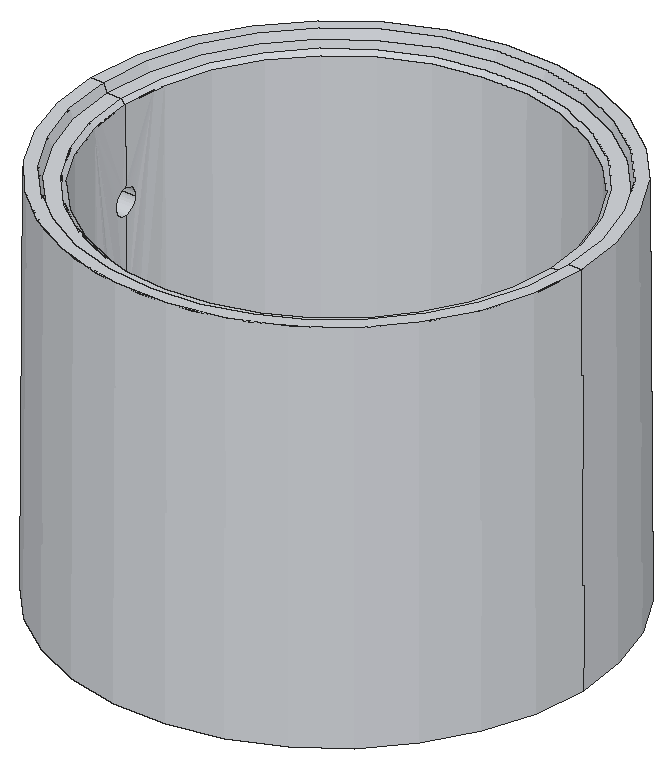
Revit family "Кольцо 1000х910 с замком КС 10-9", category Обобщенные модели, Revit 2023
Family settings
  Может служить основой для арматурных стержней = Нет
  Размер круглого соединителя = Использовать диаметр
  Тип детали = Нормальный
  На основе рабочей плоскости = Нет
  Всегда вертикально = Да
  При загрузке вырезать с полостями = Нет
  Сохранять ориентацию аннотаций = Нет
  Общий = Нет
  Точка принадлежности помещению = Нет
Parameters (values of type "Кольцо 1000х910 с замком КС 10.9")
  фаска = 10 mm
  толщ_на_h2_расч = (t1 - t2) / 2 * (h1 + h2) / ADSK_Размер_Высота + 10 mm  # 13.709 mm
  толщ_на_h1_расч = (t1 - t2) / 2 * h1 / ADSK_Размер_Высота + 10 mm  # 12.033 mm
  сужение_низ = 5 mm
  отступ_низ = 38 mm
  отступ_верх = 28.5 mm
  выступ = 20 mm
  вырез2 = yes
  вырез1 = yes
  Отметка по умолчанию = 0 mm
  t2 = 80 mm
  t1 = 90 mm
  h2 = 305 mm
  h1 = 370 mm
  d1 = 20 mm * tan(20.00°)  # 7.279 mm
  ADSK_Размер_Диаметр = 1000 mm
  ADSK_Размер_Высота = 910 mm
  ADSK_Масса = 632
Reference planes
  plane 1 "По центру (Вперед/Назад)": y = 0
  plane 2: z = 0
  plane 3 "По центру (Влево/Вправо)": x = 0
  plane 4: x = 500
  plane 5: x = -500
  plane 6: y = 500
  plane 7: y = -500
  plane 8: z = 890
  plane 9: z = 910
  plane 10: z = 20
  plane 11: x = -585
  plane 12: x = 585
  plane 13: y = 585
  plane 14: y = -585
  plane 15: y = 580
  plane 16: y = -580
  plane 17: x = -580
  plane 18: x = 580
  plane 19: x = 538
  plane 20: x = 551.5
  plane 21: x = 544.221
  plane 22: x = 545.279
  plane 23: z = 880
  plane 24: x = 510
  plane 25: z = 370
  plane 26: z = 675
  plane 27: y = 495
  plane 28: y = -495
  plane 29: x = -495
  plane 30: x = 495
  plane 31: x = -571.291
  plane 32: x = -572.967
  plane 33: x = 571.291
  plane 34: x = 572.967
Forms (mm)
  Revolve 1, solid
    sketch origin (0, 0, 0) x (1, 0, 0) y (0, 0, 1)
      loop
        line (500, 880) -> (495, 0) -> (538, 0) -> (545.279, 20) -> (585, 20) -> (580, 910) -> (551.5, 910) -> (544.221, 890) -> (510, 890) -> (500, 880)
      axis (0, 0) -> (0, 910)
    angle from 0 to 360
  Extrusion 2, void, detail levels medium+fine
    sketch origin (0, 0, 0) x (0, -1, 0) y (0, 0, 1)
      loop
        circle (0, 675) r 30
    from -571.291 to 571.291
  Extrusion 3, void, detail levels medium+fine
    sketch origin (0, 0, 0) x (0, -1, 0) y (0, 0, 1)
      loop
        circle (0, 370) r 30
    from -572.967 to 572.967
Cuts and joins
  Extrusion 2, Extrusion 3 cuts Revolve 1
Dimensions and locks
  equal spacing: plane 5, plane 3 "По центру (Влево/Вправо)", plane 4
  equal spacing: plane 7, plane 1 "По центру (Вперед/Назад)", plane 6
  "ADSK_Размер_Диаметр": plane 5 to plane 4
  "ADSK_Размер_Диаметр": plane 7 to plane 6
  "выступ": plane 9 to plane 8
  "выступ": plane 10 to level
  "t1": plane 11 to plane 29
  "t1": plane 30 to plane 12
  "t2": plane 6 to plane 15
  "t2": plane 16 to plane 7
  "t2": plane 17 to plane 5
  "t2": plane 4 to plane 18
  "отступ_низ": plane 19 to plane 4
  "отступ_верх": plane 18 to plane 20
  "d1": plane 20 to plane 21
  "d1": plane 22 to plane 19
  "фаска": plane 8 to plane 23
  "фаска": plane 24 to plane 4
  "h1": plane 25 to level
  "h2": plane 26 to plane 25
  "ADSK_Размер_Высота": plane 9 to level
  "сужение_низ": plane 5 to plane 29
  "сужение_низ": plane 30 to plane 4
  "сужение_низ": plane 27 to plane 6
  "сужение_низ": plane 7 to plane 28
  "t1": plane 14 to plane 28
  "t1": plane 27 to plane 13
  "толщ_на_h2_расч": plane 31 to plane 11
  "толщ_на_h1_расч": plane 32 to plane 11
  "толщ_на_h2_расч": plane 12 to plane 33
  "толщ_на_h1_расч": plane 12 to plane 34
  aligned and locked: level to plane 2
  aligned and locked: Revolve 1 sketch curve to plane 8
  aligned and locked: Revolve 1 sketch curve to plane 9
  aligned and locked: plane 10 to Revolve 1 sketch curve
  aligned and locked: Revolve 1 sketch curve to level
  aligned and locked: Extrusion 2 to plane 31
  aligned and locked: Extrusion 3 to plane 32
  aligned and locked: plane 33 to Extrusion 2
  aligned and locked: plane 34 to Extrusion 3
Automatic sketch dimensions
  Revolve 1 sketch curve to level = 0 mm
  Revolve 1 sketch curve to plane 3 "По центру (Влево/Вправо)" = 0 mm
  Revolve 1 sketch curve to plane 30 = 0 mm
  Revolve 1 sketch curve to plane 4 = 0 mm
  Revolve 1 sketch curve to plane 24 = 0 mm
  Revolve 1 sketch curve to plane 19 = 0 mm
  Revolve 1 sketch curve to plane 22 = 0 mm
  Revolve 1 sketch curve to plane 21 = 0 mm
  Revolve 1 sketch curve to plane 20 = 0 mm
  Revolve 1 sketch curve to plane 18 = 0 mm
  Revolve 1 sketch curve to plane 12 = 0 mm
  Revolve 1 sketch curve to plane 23 = 0 mm
  Revolve 1 sketch curve to plane 9 = 0 mm
  Extrusion 2 sketch curve to plane 1 "По центру (Вперед/Назад)" = 0 mm
  Extrusion 2 sketch curve to plane 26 = 0 mm
  Extrusion 3 sketch curve to plane 1 "По центру (Вперед/Назад)" = 0 mm
  Extrusion 3 sketch curve to plane 25 = 0 mm
  radius of Extrusion 2 sketch curve = 30 mm
  radius of Extrusion 3 sketch curve = 30 mm
